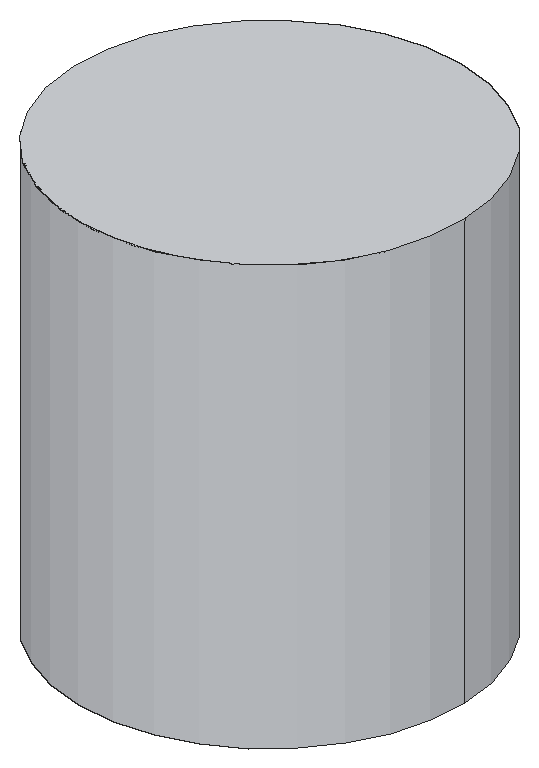
Revit family "TV-296", category Plumbing Fixtures, Revit 2014
Parameters (values of type "TV-296")
  URL = "http://www.helvex.com.mx/contenido.php?producto=279"
  Type Comments = "Electronic Line"
  Total Width = 2.5"
  Total Height = 5.7"
  Model = "TV-296"
  Min. Working Pressure = 5.7 psi
  Max. Working Pressure = 85.34 psi
  Manufacturer = "Helvex"
  Instructive = "http://www.helvex.com.mx/productos/instructivos/TV-296.pdf"
  Feeding Voltage = 6 V
  Features = "Infrared Sensor, Filter with Check Valve Maintenance"
  Documentation = "http://www.helvex.com.mx/productos/fichas/TV-296.pdf"
  Detection Range = "1.9\" (50 mm) - 8.7\" (220 mm)"
  Description = "Argos Battery Operated Electronic Faucet"
  Connection = "½\" - 14 NPSM"
  Chrome = Brass Chromed
  Certification = "http://www.helvex.com.mx/productos/vistas/TV-296.pdf"
  CW Connection = yes
  Batteries = "Commercial Lithium Battery"
Reference planes (in)
  plane 1 "Center (Front/Back)": y = 0
  plane 2: z = 0
  plane 3 "Center (Left/Right)": x = 0
  plane 4: z = 35.4
Forms (in)
  Extrusion 1, solid
    sketch origin (0, 0, 0) x (1, 0, 0) y (0, 1, 0)
      loop
        circle (0, -2.53201) r 0.25
    from 35.33 to 35.88445
Dimensions and locks (in)
  locked: plane 4 to plane 2 at 35.4
  plane 4 to level = 35.4"
  aligned and locked: level to plane 2
Connectors (in)
  piping at (0, -2.53201, 35.33), diameter 0.5, driven by "CW Connection"
    settings: on Extrusion 1, index 1, connector inside diameter 609.6 mm, connector length 0", flow factor 0, pipe flow 0.0 GPM, pressure drop 0.0 psi, fitting loss kfactor 0, connector angle 0.00°, fixture units 0, engagement length 0", angle of deflection 0.00°, flow configuration 2, flow direction 1, fitting loss method 0, system type 20, joint type 0, gender type 0, connector reference index -1, connector utility 1, adjustable connector no, is connector primary yes, connector description ""
